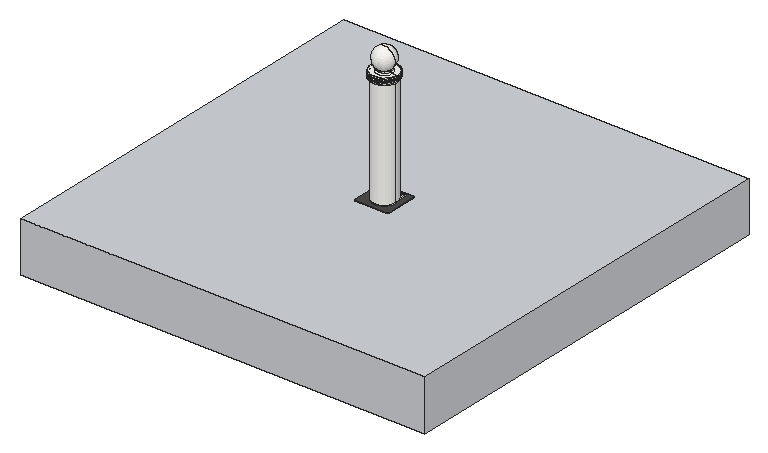
Revit family
Parameters (values of type "MRRP-RS1-R")
  Warranty Statement = " www.maxiforcebollards.com/documents"
  Warranty Duration (Years) = "1"
  URL = " www.maxiforcebollards.com/documents"
  Type Comments = "Light Removable Bollard / Round Body, Padlock Operated"
  Revision = "20110501"
  Reflective Tape = yes
  Projection Type = Projection_MRRP-RS1_R : Projection_MRRP-RS1_R
  Product Specifications MF 2004 = " www.maxiforcebollards.com/documents"
  Product Specifications MF 1995 = " www.maxiforcebollards.com/documents"
  Product Models = " www.maxiforcebollards.com/documents"
  Post Material = Powder Coat - TIGER Drylac
  Pier Height = if(Additional Body Height < 0' 0", 2' 2 223/256", if(or(Additional Body Height + 2' 2 223/256" > 4' 0", Additional Body Height + 2' 2 223/256" = 4' 0"), 4' 0", 2' 2 223/256" + Additional Body Height))  # 2' - 2 223/256"
  Operation, Maintenance & Repair Manual = " www.maxiforcebollards.com/documents"
  Model = "MRRP-RS1-R"
  MasterFormat 1995 = "02870\t\t\t\t\t\r\n"
  Marketing Brochures = " www.maxiforcebollards.com/documents"
  Manufacturer Website = "http://www.maxiforcebollards.com\t\t\t\t\r\n"
  Manufacturer Phone = "410-552-9888\t\t\t\t\t\r\n"
  Manufacturer Fax = "410-552-9939\t\t\t\t\t\r\n"
  Manufacturer Email = "sales@maxiforcebollards.com\t\t\t\t\t\r\n"
  Manufacturer Address = "7560 Main Street, Sykesville, MD 21784\t\t\t\t\t\r\n"
  Manufacturer = "Blue Ember Technologies, LLC.\t\t\t\t\t\r\n"
  Maintenance Schedule (Months) = "0"
  Keynote = "12 93 00"
  Installation Phase = "Fixtures and Fittings"
  Head Type = Head_RS1 : Head_RS1
  Head Material = Powder Coat - TIGER Drylac
  Description = "Site Furnishings as Specified in 02870 or 12 93 00\t\t\t\t\t\r\n"
  Default Elevation = 4' - 0"
  Copyright = "© Blue Ember Technologies, LLC.\t\t\t\t\t\r\n"
  Color Definitions RFA = " www.maxiforcebollards.com/documents"
  Color Charts = " www.maxiforcebollards.com/documents"
  CAD Details = " www.maxiforcebollards.com/documents"
  Bollard Articles = " www.maxiforcebollards.com/documents"
  Base Type = Base_R : Base_R
  Assembly Code = "G2040500"
  Applicable Standards - Typical Installation (minimum) = " www.maxiforcebollards.com/documents"
  Additional Body Height Description = "+1\" of Body (up to 48\" AFG w/o head)"
  Additional Body Height = 0' - 0"
Types (5): name | Projection Type | Head Type | Base Type
  (no name) | Projection_MRRP-RS1_R : Projection_MRRP-RS1_R | Head_RS1 : Head_RS1 | Base_R : Base_R
  MRRP-RS1-R | Projection_MRRP-RS1_R : Projection_MRRP-RS1_R | Head_RS1 : Head_RS1 | Base_R : Base_R
  MRRP-RS2-R | Projection_MRRP-RS2_R : Projection_MRRP-RS2_R | Head_RS2 : Head_RS2 | Base_R : Base_R
  MRRP-RS1-U | Projection_MRRP-RS1_U : Projection_MRRP-RS1_U | Head_RS1 : Head_RS1 | Base_U : Base_U
  MRRP-RS2-U | Projection_MRRP-RS2_U : Projection_MRRP-RS2_U | Head_RS2 : Head_RS2 | Base_U : Base_U
Reference planes (in)
  plane 1 "Center (Front/Back)": y = 0
  plane 2: z = 0
  plane 3 "Center (Left/Right)": x = 0
  plane 4 "Head Placement": z = 26.87109
Forms (in)
  Extrusion 1, solid
    sketch origin (0, 0, 0) x (1, 0, 0) y (0, 1, 0)
      loop
        line (-48, 48) -> (-48, -48) -> (48, -48) -> (48, 48) -> (-48, 48)
    from 0 to -12
  Extrusion 2, solid, material "Powder Coat - TIGER Drylac" <- "Post Material", detail levels medium+fine
    sketch origin (0.01612, 0, 0) x (-1, 0, 0) y (0, -1, 0)
      loop
        circle (0, 0) r 2.78125
      loop
        circle (0, 0) r 2.52344
    from 0.25 to 26.87109
  Extrusion 3, solid, material "Powder Coat - TIGER Drylac" <- "Post Material", detail levels medium+fine
    sketch origin (0.01612, 0, 0) x (-1, 0, 0) y (0, -1, 0)
      loop
        arc (-1.14247, -2.398) -> (1.98328, 1.767) -> (-2.51344, -0.85923) r 2.65625
        arc (-2.51344, -0.85923) -> (-2.50338, -0.89911) -> (-2.5, -0.9401) r 0.25
        line (-2.5, -0.9401) -> (-2.5, -3.37615) -> (-2.31615, -3.56) -> (-1.68385, -3.56) -> (-1.5, -3.37615) -> (-1.5, -2.6237)
        arc (-1.5, -2.6237) -> (-1.38345, -2.4123) -> (-1.14247, -2.398) r 0.25
      loop
        circle (0, 0) r 1.03125
      loop
        circle (-1.9995, -3.06) r 0.25
      loop
        arc (1.66859, 0.88) -> (1.62716, 0.86284) -> (1.61, 0.82141) r 0.05859
        line (1.61, 0.82141) -> (1.61, -0.19141)
        arc (1.61, -0.19141) -> (1.62716, -0.23284) -> (1.66859, -0.25) r 0.05859
        line (1.66859, -0.25) -> (2.08141, -0.25)
        arc (2.08141, -0.25) -> (2.12284, -0.23284) -> (2.14, -0.19141) r 0.05859
        line (2.14, -0.19141) -> (2.14, 0.82141)
        arc (2.14, 0.82141) -> (2.12284, 0.86284) -> (2.08141, 0.88) r 0.05859
        line (2.08141, 0.88) -> (1.66859, 0.88)
    from 0 to 0.25
  Extrusion 4, void
    sketch origin (0.01612, 0, 0) x (0, -1, 0) y (0, 0, 1)
      loop
        circle (0, 26.59109) r 0.125
    from -2.88243 to 2.91626
Cuts and joins
  Extrusion 4 cuts Extrusion 2
Dimensions and locks (in)
  "Pier Height": plane 4 "Head Placement" to level
  plane 4 "Head Placement" to Extrusion 4 sketch curve = 0' - 0.28"
  aligned and locked: plane 2 to Extrusion 1
  aligned and locked: level to Extrusion 1
  aligned and locked: plane 4 "Head Placement" to cut or joined group of Extrusion 2, Extrusion 4
Automatic sketch dimensions
  Extrusion 1 sketch curve to Extrusion 1 sketch curve = 8' - 0"  (x2)
  Extrusion 2 sketch curve to Extrusion 2 sketch curve = 0' - 0"  (x2)
  plane 1 "Center (Front/Back)" to Extrusion 2 sketch curve = 0' - 0"
  plane 3 "Center (Left/Right)" to Extrusion 2 sketch curve = 0' - 0.01612"
  Extrusion 3 sketch curve to Extrusion 3 sketch curve = 0' - 0"  (x3)
  plane 1 "Center (Front/Back)" to Extrusion 3 sketch curve = 0' - 0"
  Extrusion 3 sketch curve to plane 1 "Center (Front/Back)" = 0' - 0.9401"
  plane 3 "Center (Left/Right)" to Extrusion 3 sketch curve = 0' - 2.76612"
  Extrusion 3 sketch curve to Extrusion 3 sketch curve = 0' - 0.23656"
  Extrusion 3 sketch curve to Extrusion 3 sketch curve = 0' - 0.01344"
  Extrusion 3 sketch curve to Extrusion 3 sketch curve = 0' - 0.18385"  (x3)
  Extrusion 3 sketch curve to Extrusion 3 sketch curve = 0' - 0.31665"
  Extrusion 3 sketch curve to Extrusion 3 sketch curve = 0' - 0.31565"
  Extrusion 3 sketch curve to Extrusion 3 sketch curve = 0' - 0 1/4"
  Extrusion 3 sketch curve to Extrusion 3 sketch curve = 0' - 0.10753"
  plane 1 "Center (Front/Back)" to Extrusion 3 sketch curve = 0' - 0.82141"
  Extrusion 3 sketch curve to plane 3 "Center (Left/Right)" = 0' - 1.59388"
  Extrusion 3 sketch curve to Extrusion 3 sketch curve = 0' - 0 15/256"  (x3)
  Extrusion 3 sketch curve to Extrusion 3 sketch curve = 0' - 0.41281"  (x2)
  Extrusion 3 sketch curve to Extrusion 3 sketch curve = 0' - 0.4363"
  Extrusion 3 sketch curve to Extrusion 3 sketch curve = 0' - 0.31615"  (x2)
  Extrusion 3 sketch curve to plane 1 "Center (Front/Back)" = 0' - 0 1/4"
  Extrusion 4 sketch curve to plane 1 "Center (Front/Back)" = 0' - 0"
  radius of Extrusion 2 sketch curve = 0' - 2 25/32"
  radius of Extrusion 2 sketch curve = 0' - 2 67/128"
  radius of Extrusion 3 sketch curve = 0' - 1 1/32"
  radius of Extrusion 3 sketch curve = 0' - 0 1/4"
  radius of Extrusion 4 sketch curve = 0' - 0 1/8"
Nested families (in)
  nested 1: "Base_R" at (0, 0, 0), type <- "Base Type", type "Base_R", detail levels medium+fine
  nested 2: "Head_RS1" at (0, 0, 26.87109), type <- "Head Type", type "Head_RS1", detail levels medium+fine
  nested 3: "Projection_MRRP-RS1_R" at (0, 0, 0), type <- "Projection Type", type "Projection_MRRP-RS1_R"
Definition of nested family "Base_R"
  Reference planes (in)
    plane 1 "Center (Front/Back)": y = 0
    plane 2: z = 0
    plane 3 "Center (Left/Right)": x = 0
    plane 4: y = 4
    plane 5: y = -4
  Forms (in)
    Extrusion 1, solid, material "Base Coating"
      sketch origin (0, 0, 0) x (1, 0, 0) y (0, 1, 0)
        loop
          arc (-3.5, 4) -> (-3.85355, 3.85355) -> (-4, 3.5) r 0.5
          line (-4, 3.5) -> (-4, -3.5)
          arc (-4, -3.5) -> (-3.85355, -3.85355) -> (-3.5, -4) r 0.5
          line (-3.5, -4) -> (3.5, -4)
          arc (3.5, -4) -> (3.85355, -3.85355) -> (4, -3.5) r 0.5
          line (4, -3.5) -> (4, 3.5)
          arc (4, 3.5) -> (3.85355, 3.85355) -> (3.5, 4) r 0.5
          line (3.5, 4) -> (-3.5, 4)
        loop
          circle (0, 0) r 1.26563
        loop
          arc (-1.37109, 3.31) -> (-1.46224, 3.27224) -> (-1.5, 3.18109) r 0.12891
          line (-1.5, 3.18109) -> (-1.5, 2.93891)
          arc (-1.5, 2.93891) -> (-1.46224, 2.84776) -> (-1.37109, 2.81) r 0.12891
          line (-1.37109, 2.81) -> (1.37109, 2.81)
          arc (1.37109, 2.81) -> (1.46224, 2.84776) -> (1.5, 2.93891) r 0.12891
          line (1.5, 2.93891) -> (1.5, 3.18109)
          arc (1.5, 3.18109) -> (1.46224, 3.27224) -> (1.37109, 3.31) r 0.12891
          line (1.37109, 3.31) -> (-1.37109, 3.31)
        loop
          arc (-2.10141, 0.25) -> (-2.14284, 0.23284) -> (-2.16, 0.19141) r 0.05859
          line (-2.16, 0.19141) -> (-2.16, -0.94141)
          arc (-2.16, -0.94141) -> (-2.14284, -0.98284) -> (-2.10141, -1) r 0.05859
          line (-2.10141, -1) -> (-1.68859, -1)
          arc (-1.68859, -1) -> (-1.64716, -0.98284) -> (-1.63, -0.94141) r 0.05859
          line (-1.63, -0.94141) -> (-1.63, 0.19141)
          arc (-1.63, 0.19141) -> (-1.64716, 0.23284) -> (-1.68859, 0.25) r 0.05859
          line (-1.68859, 0.25) -> (-2.10141, 0.25)
        loop
          circle (2, 3.06) r 0.26562
      from -0.38 to 0
    Extrusion 2, solid, material "Base Coating"
      sketch origin (0, 0, 0) x (1, 0, 0) y (0, 1, 0)
        loop
          circle (0, 0) r 1.25
        loop
          circle (0, 0) r 1.12891
      from -8.13 to 0
    Extrusion 3, solid, material "Base Coating"
      sketch origin (0, 0, 0) x (1, 0, 0) y (0, 1, 0)
        loop
          line (-1.5, 1.5) -> (-1.5, -1.5) -> (1.5, -1.5) -> (1.5, 1.5) -> (-1.5, 1.5)
        loop
          circle (0, 0) r 0.25
      from -8.38 to -8.13
  Dimensions and locks (in)
    locked: plane 4 to plane 5 at 8
    equal spacing: plane 4, plane 1 "Center (Front/Back)", plane 5
    plane 3 "Center (Left/Right)" to Extrusion 1 sketch curve = 0' - 2"
    plane 1 "Center (Front/Back)" to Extrusion 1 sketch curve = 0' - 3.06"
    plane 1 "Center (Front/Back)" to Extrusion 1 sketch curve = 0' - 2.81"
    Extrusion 1 sketch curve to plane 3 "Center (Left/Right)" to Extrusion 1 sketch curve = 0' - 1 1/2", 0' - 1 1/2"
    Extrusion 1 sketch curve to plane 3 "Center (Left/Right)" = 0' - 1.63"
    plane 1 "Center (Front/Back)" to Extrusion 1 sketch curve = 0' - 0 1/4"
    aligned and locked: Extrusion 1 sketch curve to plane 4
    aligned and locked: Extrusion 1 sketch curve to plane 5
    aligned and locked: level to Extrusion 1
    aligned and locked: level to Extrusion 2
  Automatic sketch dimensions
    plane 1 "Center (Front/Back)" to Extrusion 1 sketch curve = 0' - 0"
    Extrusion 1 sketch curve to plane 3 "Center (Left/Right)" = 0' - 0"
    Extrusion 1 sketch curve to Extrusion 1 sketch curve = 0' - 0 15/256"  (x4)
    Extrusion 1 sketch curve to Extrusion 1 sketch curve = 0' - 0 33/256"  (x4)
    Extrusion 1 sketch curve to Extrusion 1 sketch curve = 0' - 0 1/2"  (x2)
    plane 1 "Center (Front/Back)" to Extrusion 2 sketch curve = 0' - 0"
    Extrusion 2 sketch curve to plane 3 "Center (Left/Right)" = 0' - 0"
    Extrusion 2 sketch curve to Extrusion 2 sketch curve = 0' - 0"  (x2)
    plane 1 "Center (Front/Back)" to Extrusion 3 sketch curve = 0' - 0"
    Extrusion 3 sketch curve to plane 3 "Center (Left/Right)" = 0' - 0"
    Extrusion 1 sketch curve to plane 5 = 0' - 0 1/2"
    Extrusion 1 sketch curve to Extrusion 1 sketch curve = 0' - 1.39859"
    Extrusion 1 sketch curve to Extrusion 1 sketch curve = 0' - 1 1/2"
    plane 3 "Center (Left/Right)" to Extrusion 1 sketch curve = 0' - 3 1/2"
    Extrusion 3 sketch curve to plane 3 "Center (Left/Right)" = 0' - 1 1/2"
    plane 3 "Center (Left/Right)" to Extrusion 3 sketch curve = 0' - 1 1/2"
    plane 1 "Center (Front/Back)" to Extrusion 3 sketch curve = 0' - 1 1/2"
    Extrusion 3 sketch curve to plane 1 "Center (Front/Back)" = 0' - 1 1/2"
    plane 1 "Center (Front/Back)" to Extrusion 1 sketch curve = 0' - 1"
    Extrusion 1 sketch curve to Extrusion 1 sketch curve = 0' - 0.41281"
    Extrusion 1 sketch curve to Extrusion 1 sketch curve = 0' - 0 31/128"
    radius of Extrusion 1 sketch curve = 0' - 1 17/64"
    radius of Extrusion 1 sketch curve = 0' - 0 17/64"
    radius of Extrusion 2 sketch curve = 0' - 1 1/4"
    radius of Extrusion 2 sketch curve = 0' - 1 33/256"
    radius of Extrusion 3 sketch curve = 0' - 0 1/4"
Definition of nested family "Head_RS1"
  Parameters (values of type "Head_RS1")
    Head Material = Powder Coat - TIGER Drylac
    Default Elevation = 4' - 0"
    Assembly Code = ""
  Reference planes (in)
    plane 1 "Center (Front/Back)": y = 0
    plane 2: z = 0
    plane 3 "Center (Left/Right)": x = 0
  Forms (in)
    Revolve 1, solid, material "Powder Coat - TIGER Drylac" <- "Head Material"
      sketch origin (0, 0, -0.86859) x (1, 0, 0) y (0, 0, 1)
        loop
          line (0, 0) -> (0, 0.25) -> (-2.845, 0.25) -> (-2.845, 1.06) -> (-1.345, 1.06) -> (-1.345, 2.18626)
          arc (-1.345, 2.18626) -> (-2.13552, 4.69855) -> (0, 6.24) r 2.25
          line (0, 6.24) -> (0, 6.49)
          arc (0, 6.49) -> (-2.33288, 4.88872) -> (-1.67727, 2.13615) r 2.5
          arc (-1.67727, 2.13615) -> (-1.61649, 2.05218) -> (-1.595, 1.95077) r 0.25
          line (-1.595, 1.95077) -> (-1.595, 1.56)
          arc (-1.595, 1.56) -> (-1.66822, 1.38322) -> (-1.845, 1.31) r 0.25
          line (-1.845, 1.31) -> (-3.16141, 1.31)
          arc (-3.16141, 1.31) -> (-3.20284, 1.29284) -> (-3.22, 1.25141) r 0.05859
          line (-3.22, 1.25141) -> (-3.22, 0.94625)
          arc (-3.22, 0.94625) -> (-3.21787, 0.93059) -> (-3.21163, 0.91607) r 0.05859
          line (-3.21163, 0.91607) -> (-3.13213, 0.78376)
          arc (-3.13213, 0.78376) -> (-3.09642, 0.655) -> (-3.13213, 0.52624) r 0.25
          line (-3.13213, 0.52624) -> (-3.21163, 0.39393)
          arc (-3.21163, 0.39393) -> (-3.21787, 0.37941) -> (-3.22, 0.36375) r 0.05859
          line (-3.22, 0.36375) -> (-3.22, 0.05859)
          arc (-3.22, 0.05859) -> (-3.20284, 0.01716) -> (-3.16141, 0) r 0.05859
          line (-3.16141, 0) -> (0, 0)
        axis (0, 6.49) -> (0, 0)
      angle from 0 to 360
    Extrusion 2, void
      sketch origin (0, 0, 0.19141) x (0, 1, 0) y (0, 0, 1)
        loop
          circle (0, -0.4) r 0.15625
      from -3.97007 to 3.77942
    Extrusion 3, void
      sketch origin (-3.09254, 0, -0.20859) x (0, 0, 1) y (0, 1, 0)
        loop
          line (0, 0.09021) -> (-0.07812, 0.04511) -> (-0.07812, -0.04511) -> (0, -0.09021) -> (0.07813, -0.04511) -> (0.07813, 0.04511) -> (0, 0.09021)
      from 0.0805 to 0.161
    Revolve 4, solid, material "Steel", detail levels fine
      sketch origin (-3.09254, 0, -0.20859) x (0, 0, 1) y (-1, 0, 0)
        loop
          line (0, 0.161) -> (-0.26551, 0.161) -> (-0.12555, 0) -> (-0.12555, -0.339) -> (0, -0.339) -> (0, 0.161)
        axis (0, 0.161) -> (0, -0.339)
      angle from 0 to 360
    Extrusion 5, void
      sketch origin (3.09254, 0, -0.20859) x (0, 0, 1) y (0, -1, 0)
        loop
          line (0, -0.09021) -> (0.07813, -0.04511) -> (0.07813, 0.04511) -> (0, 0.09021) -> (-0.07812, 0.04511) -> (-0.07812, -0.04511) -> (0, -0.09021)
      from 0.0805 to 0.161
    Revolve 6, solid, material "Steel", detail levels fine
      sketch origin (3.09254, 0, -0.20859) x (0, 0, 1) y (-1, 0, 0)
        loop
          line (0, -0.161) -> (0, 0.339) -> (-0.12555, 0.339) -> (-0.12555, 0) -> (-0.26551, -0.161) -> (0, -0.161)
        axis (0, -0.161) -> (0, 0.339)
      angle from 0 to 360
  Cuts and joins
    Extrusion 2, Extrusion 3, Extrusion 5 cuts Revolve 1
    Extrusion 3, Extrusion 5 cuts Revolve 4
    Extrusion 5 cuts Revolve 6
Definition of nested family "Projection_MRRP-RS1_R"
  Reference planes (in)
    plane 1 "Center (Front/Back)": y = 0
    plane 2: z = 0
    plane 3 "Center (Left/Right)": x = 0
  Lines and regions (in)
    symbolic lines
      curve 1: circle (0, 0, 0) r 2.25 normal (0, 0, 1)
      curve 2: circle (0, 0, 0) r 2.5 normal (0, 0, 1)
      curve 3: circle (0, 0, 0) r 3.22 normal (0, 0, 1)
      curve 4: line (-4, 3.5, 0) -> (-4, -3.5, 0)
      curve 5: arc (-3.5, 4, 0) -> (-3.85355, 3.85355, 0) -> (-4, 3.5, 0) r 0.5
      curve 6: line (3.5, 4, 0) -> (-3.5, 4, 0)
      curve 7: arc (4, 3.5, 0) -> (3.85355, 3.85355, 0) -> (3.5, 4, 0) r 0.5
      curve 8: line (4, -3.5, 0) -> (4, 3.5, 0)
      curve 9: arc (3.5, -4, 0) -> (3.85355, -3.85355, 0) -> (4, -3.5, 0) r 0.5
      curve 10: line (-3.5, -4, 0) -> (3.5, -4, 0)
      curve 11: arc (-4, -3.5, 0) -> (-3.85355, -3.85355, 0) -> (-3.5, -4, 0) r 0.5
      curve 12: line (2.51612, 2.00936, 0) -> (2.51612, 3.37615, 0)
      curve 13: line (2.51612, 3.37615, 0) -> (2.33228, 3.56, 0)
      curve 14: line (2.33228, 3.56, 0) -> (1.69997, 3.56, 0)
      curve 15: line (1.69997, 3.56, 0) -> (1.51612, 3.37615, 0)
      curve 16: line (1.51612, 3.37615, 0) -> (1.51612, 2.84073, 0)
      curve 17: arc (2.26563, 3.06, 0) -> (2.01563, 2.81, 0) -> (1.76563, 3.06, 0) r 0.25
      curve 18: arc (1.76563, 3.06, 0) -> (2.01563, 3.31, 0) -> (2.26563, 3.06, 0) r 0.25
      curve 19: arc (1.5, 2.93891, 0) -> (1.49355, 2.89863, 0) -> (1.47483, 2.86239, 0) r 0.12891
      curve 20: line (1.5, 3.18109, 0) -> (1.5, 2.93891, 0)
      curve 21: arc (1.37109, 3.31, 0) -> (1.46224, 3.27224, 0) -> (1.5, 3.18109, 0) r 0.12891
      curve 22: line (-1.37109, 3.31, 0) -> (1.37109, 3.31, 0)
      curve 23: arc (-1.5, 3.18109, 0) -> (-1.46224, 3.27224, 0) -> (-1.37109, 3.31, 0) r 0.12891
      curve 24: line (-1.5, 2.93891, 0) -> (-1.5, 3.18109, 0)
      curve 25: arc (-1.47483, 2.86239, 0) -> (-1.49355, 2.89863, 0) -> (-1.5, 2.93891, 0) r 0.12891
